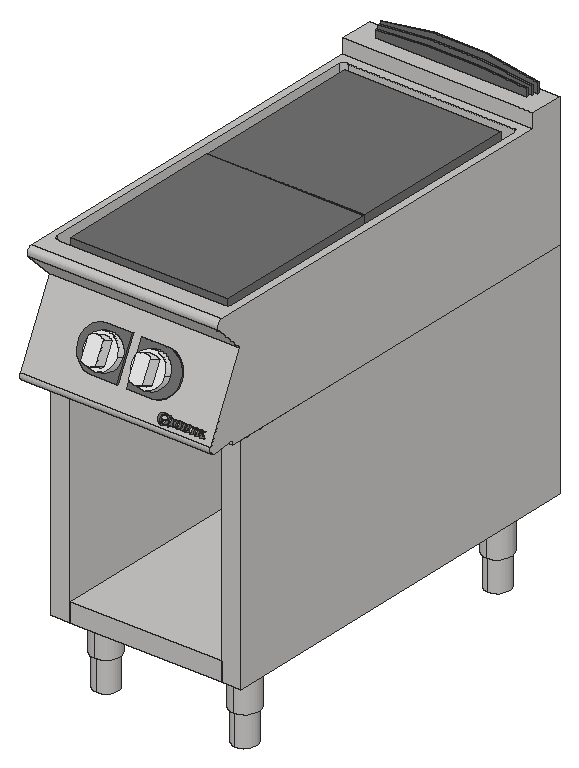
Revit family "QF_GIORIK_TE920G", category Specialty Equipment, Revit 2014
Parameters (values of type "TE920G")
  Weight in Pounds = 198.4158
  Watts = 6000 W
  Volts = 400 V
  URL Cutsheet = "www.giorik.com"
  URL = "www.giorik.com"
  Status [instance] = ""
  Specification by User [instance] = ""
  Specification by Manufacturer = ""
  Show Logo [instance] = yes
  Show Clearance [instance] = yes
  Serial Number = ""
  Seismic Rating = ""
  SMACNA No = ""
  Revision Code [instance] = ""
  Phase = 3
  Number of Poles [instance] = 3
  NAFEM Spec ID Number = ""
  Model = "TE920G"
  Min Ckt Ampacity = 0 A
  Max Overcurrent Protection = 0 A
  Masterspec = ""
  Manufacturer = "GIORIK"
  Item Number [instance] = ""
  Installed By [instance] = ""
  Identify Quantity as Lot [instance] = no
  HP = "8.046120000000"
  Furnished By [instance] = ""
  Foodservice Equipment Identifier [instance] = yes
  FL Amps = 0 A
  Electrical Remarks [instance] = ""
  Electric Connection Type [instance] = ""
  Elec Conn RI Height [instance] = 0 mm
  Elec Conn Connection Height [instance] = 150 mm
  Description = "SOLID TOP WITH ELECTRIC OVEN"
  Cycle = 50 Hz
  Conn Plug = ""
  CSI MasterFormat = ""
  Assembly Code = "E1090320"
  Apparent Power = 6000 VA
Reference planes
  plane 1 "Back": y = 0
  plane 2: z = 0
  plane 3 "Left": x = 0
  plane 4 "Right": x = 400
  plane 5 "Front": y = -920
  plane 6 "Top": z = 900
Forms (mm)
  Extrusion 1, solid, visible <- "Show Logo"
    sketch origin (191.604, -936.624, 609.486) x (-1, 0, 0) y (0, 0.452718, 0.891654)
      loop
        line (-118.824, 58.358) -> (-127.804, 58.358) -> (-125.523, 56.445) -> (-125.523, 48.027) -> (-127.804, 46.113) -> (-118.824, 46.113) -> (-121.105, 48.027) -> (-121.105, 56.445) -> (-118.824, 58.358)
      loop
        line (-163.721, 58.358) -> (-172.7, 58.358) -> (-170.42, 56.445) -> (-170.42, 48.027) -> (-172.7, 46.113) -> (-163.721, 46.113) -> (-166.001, 48.027) -> (-166.001, 56.445) -> (-163.721, 58.358)
      loop
        line (-174.332, 58.358) -> (-183.312, 58.358) -> (-181.031, 56.445) -> (-181.031, 52.435) -> (-186.419, 56.955) -> (-184.416, 58.358) -> (-191.268, 58.358) -> (-188.01, 56.839) -> (-185.455, 54.283) -> (-190.846, 47.858) -> (-193.396, 46.93) -> (-193.396, 46.113) -> (-184.416, 46.113) -> (-185.437, 47.571) -> (-182.443, 51.552) -> (-181.031, 50.894) -> (-181.031, 48.027) -> (-183.312, 46.113) -> (-174.332, 46.113) -> (-176.613, 48.027) -> (-176.613, 56.445) -> (-174.332, 58.358)
      loop
        line (-115.429, 62.063) -> (-115.429, 54.198)
        arc (-115.429, 54.198) -> (-111.618, 57.803) -> (-106.847, 59.986) r 16.039
        arc (-106.847, 59.986) -> (-103.314, 59.837) -> (-100.512, 57.68) r 5.851
        arc (-100.512, 57.68) -> (-98.815, 52.267) -> (-100.512, 46.853) r 9.479
        arc (-100.512, 46.853) -> (-102.406, 44.986) -> (-104.846, 43.93) r 7.236
        arc (-104.846, 43.93) -> (-107.728, 44.111) -> (-110.052, 45.825) r 5.11
        line (-110.052, 45.825) -> (-110.052, 52.001) -> (-116.141, 52.001) -> (-116.141, 45.503) -> (-117.893, 43.751) -> (-114.094, 44.769)
        arc (-114.094, 44.769) -> (-112.56, 44.947) -> (-111.129, 44.366) r 3.115
        arc (-111.129, 44.366) -> (-104.216, 42.091) -> (-97.303, 44.366) r 11.641
        arc (-97.303, 44.366) -> (-93.396, 52.107) -> (-97.303, 59.849) r 9.622
        arc (-97.303, 59.849) -> (-104.369, 62.174) -> (-111.435, 59.849) r 11.898
        line (-111.435, 59.849) -> (-115.429, 62.063)
      loop
        arc (-129.234, 56.068) -> (-135.893, 58.628) -> (-142.552, 56.068) r 9.941
        arc (-142.552, 56.068) -> (-144.234, 52.286) -> (-142.552, 48.505) r 5.093
        arc (-142.552, 48.505) -> (-135.893, 45.945) -> (-129.234, 48.505) r 9.941
        arc (-129.234, 48.505) -> (-127.552, 52.286) -> (-129.234, 56.068) r 5.093
      loop
        arc (-132.628, 54.403) -> (-135.893, 57.668) -> (-139.158, 54.403) r 3.265
        line (-139.158, 54.403) -> (-139.158, 50.169)
        arc (-139.158, 50.169) -> (-135.893, 46.904) -> (-132.628, 50.169) r 3.265
        line (-132.628, 50.169) -> (-132.628, 54.403)
      loop
        arc (-156.363, 58.365) -> (-159.647, 55.081) -> (-156.363, 51.796) r 3.285
        line (-156.363, 51.796) -> (-159.529, 47.306) -> (-162.087, 46.113) -> (-155.847, 46.113) -> (-153.529, 51.083) -> (-150.637, 51.083) -> (-150.637, 47.784) -> (-153.022, 46.113) -> (-144.011, 46.113) -> (-146.094, 47.68) -> (-146.094, 56.493) -> (-144.229, 58.365) -> (-156.363, 58.365)
      loop
        line (-150.637, 57.512) -> (-153.637, 57.512)
        arc (-153.637, 57.512) -> (-156.237, 54.912) -> (-153.637, 52.312) r 2.6
        line (-153.637, 52.312) -> (-150.637, 52.312) -> (-150.637, 57.512)
      loop
        line (-108.924, 52.001) -> (-104.936, 49.005) -> (-100.948, 52.001) -> (-108.924, 52.001)
    from 1.5 to -0.5
  Extrusion 2, solid
    sketch origin (-16, 1025.948, 0) x (1, 0, 0) y (0, 1, 0)
      loop
        line (25, -1086.81) -> (25, -1156.81) -> (115, -1156.81) -> (115, -1086.81) -> (25, -1086.81)
    from 148 to 150
  Extrusion 3, solid
    sketch origin (-4, 0, 130) x (1, 0, 0) y (0, 1, 0)
      loop
        circle (54, -385) r 12.5
    from 0 to 20
  Extrusion 4, solid
    sketch origin (0, 800.138, -20) x (0, 1, 0) y (0, 0, 1)
      loop
        line (-800.138, 919.988) -> (-870.138, 919.988) -> (-870.138, 889.988) -> (-1688.806, 889.988)
        arc (-1688.806, 889.988) -> (-1699.151, 883.075) -> (-1696.724, 870.873) r 11.197
        line (-1696.724, 870.873) -> (-1640.876, 815.025) -> (-1718.948, 661.258)
        arc (-1718.948, 661.258) -> (-1718.233, 650.105) -> (-1708.118, 645.354) r 10.981
        line (-1708.118, 645.354) -> (-1660, 649.925) -> (-1660, 640) -> (-800.138, 640) -> (-800.138, 919.988)
    from 0 to 400
  Extrusion 5, solid
    sketch origin (0, -199.862, 599.536) x (1, 0, 0) y (0, 1, 0)
      loop
        line (0, -640) -> (40, -640) -> (40, 159.862) -> (360, 159.862) -> (360, -640) -> (400, -640) -> (400, 199.862) -> (0, 199.862) -> (0, -640)
    from -449.536 to 20.464
  Extrusion 6, solid
    sketch origin (0, -199.862, 0) x (1, 0, 0) y (0, 1, 0)
      loop
        line (40, 159.862) -> (40, -640) -> (360, -640) -> (360, 159.862) -> (40, 159.862)
    from 150 to 190
  Extrusion 7, solid
    sketch origin (-16, 360.948, 0) x (1, 0, 0) y (0, 1, 0)
      loop
        line (25, -1086.81) -> (25, -1156.81) -> (115, -1156.81) -> (115, -1086.81) -> (25, -1086.81)
    from 148 to 150
  Revolve 8, solid
    sketch origin (54, 360.948, 0) x (0, 1, 0) y (0, 0, 1)
      loop
        line (-1092.56, 66) -> (-1092.56, 148) -> (-1121.81, 148) -> (-1121.81, 0) -> (-1096.81, 0) -> (-1096.81, 66) -> (-1092.56, 66)
      axis (-1121.81, 0) -> (-1121.81, 148)
    angle from 0 to 360
  Revolve 9, solid
    sketch origin (54, 1025.948, 0) x (0, 1, 0) y (0, 0, 1)
      loop
        line (-1092.56, 66) -> (-1092.56, 148) -> (-1121.81, 148) -> (-1121.81, 0) -> (-1096.81, 0) -> (-1096.81, 66) -> (-1092.56, 66)
      axis (-1121.81, 0) -> (-1121.81, 148)
    angle from 0 to 360
  Extrusion 10, solid
    sketch origin (416, 360.948, 0) x (-1, 0, 0) y (0, -1, 0)
      loop
        line (25, 1086.81) -> (115, 1086.81) -> (115, 1156.81) -> (25, 1156.81) -> (25, 1086.81)
    from 148 to 150
  Revolve 11, solid
    sketch origin (346, 360.948, 0) x (0, 1, 0) y (0, 0, -1)
      loop
        line (-1092.56, -66) -> (-1096.81, -66) -> (-1096.81, 0) -> (-1121.81, 0) -> (-1121.81, -148) -> (-1092.56, -148) -> (-1092.56, -66)
      axis (-1121.81, 0) -> (-1121.81, -148)
    angle from 0 to 360
  Extrusion 12, void
    sketch origin (402.225, -199.862, 900) x (0, 1, 0) y (-1, 0, 0)
      loop
        line (110, 27.225) -> (110, 377.225)
        arc (110, 377.225) -> (107.071, 384.296) -> (100, 387.225) r 10
        line (100, 387.225) -> (-640.565, 387.225)
        arc (-640.565, 387.225) -> (-647.636, 384.296) -> (-650.565, 377.225) r 10
        line (-650.565, 377.225) -> (-650.565, 27.225)
        arc (-650.565, 27.225) -> (-647.636, 20.154) -> (-640.565, 17.225) r 10
        line (-640.565, 17.225) -> (100, 17.225)
        arc (100, 17.225) -> (107.071, 20.154) -> (110, 27.225) r 10
    from -30.012 to -70.012
  Extrusion 13, solid
    sketch origin (416, -1217.672, 0) x (-1, 0, 0) y (0, -1, 0)
      loop
        line (25, -1086.81) -> (25, -1156.81) -> (115, -1156.81) -> (115, -1086.81) -> (25, -1086.81)
    from 148 to 150
  Revolve 14, solid
    sketch origin (346, -1217.672, 0) x (0, -1, 0) y (0, 0, 1)
      loop
        line (-1092.56, 66) -> (-1092.56, 148) -> (-1121.81, 148) -> (-1121.81, 0) -> (-1096.81, 0) -> (-1096.81, 66) -> (-1092.56, 66)
      axis (-1121.81, 0) -> (-1121.81, 148)
    angle from 0 to 360
  Extrusion 15, solid
    sketch origin (-397.775, -199.862, 829.988) x (0, 1, 0) y (-1, 0, 0)
      loop
        line (-272.065, -762.776) -> (-272.065, -432.775) -> (-630.565, -432.775) -> (-630.565, -762.776) -> (-272.065, -762.776)
    from 0 to 40
  Extrusion 16, solid
    sketch origin (-273.221, -1163.208, 52.363) x (1, 0, 0) y (0, 0.452718, 0.891654)
      loop
        line (463.221, 676.25) -> (463.221, 766.25) -> (409.698, 766.25)
        arc (409.698, 766.25) -> (364.698, 721.25) -> (409.698, 676.25) r 45
        line (409.698, 676.25) -> (463.221, 676.25)
    from 48 to 50
  Extrusion 17, solid
    sketch origin (501.331, -1208.559, 74.959) x (-1, 0, 0) y (0, -0.45351, -0.891251)
      loop
        circle (351.331, -721.346) r 35
    from 0 to 15
  Extrusion 18, solid
    sketch origin (501.331, -1208.559, 74.959) x (-1, 0, 0) y (0, -0.45351, -0.891251)
      loop
        arc (336.331, -743.846) -> (351.331, -748.846) -> (366.331, -743.846) r 25
        line (366.331, -743.846) -> (366.331, -698.846)
        arc (366.331, -698.846) -> (351.331, -693.846) -> (336.331, -698.846) r 25
        line (336.331, -698.846) -> (336.331, -743.846)
    from 15 to 40
  Extrusion 19, solid
    sketch origin (-94, 0, -10.001) x (1, 0, 0) y (0, 0, 1)
      loop
        line (135, 909.989) -> (453, 909.989) -> (453, 925.527) -> (347.056, 931.749) -> (240.944, 931.749) -> (135, 925.527) -> (135, 909.989)
    from 32 to 35
  Extrusion 20, solid
    sketch origin (-92, 10, -10.001) x (1, 0, 0) y (0, 0, 1)
      loop
        line (454, 909.989) -> (454, 928.527) -> (346.162, 939.193) -> (237.838, 939.193) -> (130, 928.527) -> (130, 909.989) -> (454, 909.989)
    from 32 to 35
  Extrusion 21, solid
    sketch origin (-90, 20, -10.001) x (1, 0, 0) y (0, 0, 1)
      loop
        line (455, 909.989) -> (455, 930.527) -> (345.396, 947.413) -> (234.604, 947.413) -> (125, 930.527) -> (125, 909.989) -> (455, 909.989)
    from 32 to 35
  Extrusion 22, solid
    sketch origin (-397.775, -940.427, 829.988) x (0, -1, 0) y (1, 0, 0)
      loop
        line (-472.065, 762.776) -> (-830.565, 762.776) -> (-830.565, 432.775) -> (-472.065, 432.775) -> (-472.065, 762.776)
    from 0 to 40
  Extrusion 23, solid
    sketch origin (673.255, -1163.208, 52.363) x (-1, 0, 0) y (0, -0.452718, -0.891654)
      loop
        line (463.221, -676.25) -> (409.698, -676.25)
        arc (409.698, -676.25) -> (364.698, -721.25) -> (409.698, -766.25) r 45
        line (409.698, -766.25) -> (463.221, -766.25) -> (463.221, -676.25)
    from 48 to 50
  Extrusion 24, solid
    sketch origin (-101.297, -1208.559, 74.959) x (1, 0, 0) y (0, 0.45351, 0.891251)
      loop
        circle (351.331, 721.346) r 35
    from 0 to 15
  Extrusion 25, solid
    sketch origin (-101.297, -1208.559, 74.959) x (1, 0, 0) y (0, 0.45351, 0.891251)
      loop
        line (336.331, 743.846) -> (336.331, 698.846)
        arc (336.331, 698.846) -> (351.331, 693.846) -> (366.331, 698.846) r 25
        line (366.331, 698.846) -> (366.331, 743.846)
        arc (366.331, 743.846) -> (351.331, 748.846) -> (336.331, 743.846) r 25
    from 15 to 40
Cuts and joins
  Extrusion 12 cuts Extrusion 4
Lines and regions (mm)
  symbolic lines, style "200-EquipBorder-2D"
    curve 1: line (0, -920, 0) -> (400, -920, 0)
    curve 2: line (400, -920, 0) -> (400, 0, 0)
    curve 3: line (400, 0, 0) -> (0, 0, 0)
    curve 4: line (0, 0, 0) -> (0, -920, 0)
    curve 34: line (135, -927.276, 900) -> (135, -920, 900)
    curve 35: line (165, -927.276, 900) -> (165, -920, 900)
    curve 36: line (235.035, -927.276, 900) -> (235.035, -920, 900)
    curve 37: line (265.035, -927.276, 900) -> (265.035, -920, 900)
    curve 38: arc (235.035, -927.276, 900) -> (250.035, -929.768, 900) -> (265.035, -927.276, 900) r 46.388
    curve 39: arc (165, -927.276, 900) -> (150, -929.735, 900) -> (135, -927.276, 900) r 46.979
  symbolic lines, style "200-EquipInternal-2D"
    curve 5: line (0, -70, 900) -> (400, -70, 900)
    curve 6: arc (385, -100, 900) -> (382.071, -92.929, 900) -> (375, -90, 900) r 10
    curve 7: line (365.001, -109.862, 900) -> (35, -109.862, 900)
    curve 8: line (375, -89.862, 900) -> (25, -89.862, 900)
    curve 9: line (15, -99.862, 900) -> (15, -840.427, 900)
    curve 10: line (385, -840.427, 900) -> (385, -100, 900)
    curve 11: arc (25, -89.862, 900) -> (17.929, -92.791, 900) -> (15, -99.862, 900) r 10
    curve 12: line (35, -468.362, 900) -> (365.001, -468.362, 900)
    curve 13: line (365.001, -468.362, 900) -> (365.001, -109.862, 900)
    curve 14: line (365.001, -830.427, 900) -> (365.001, -471.927, 900)
    curve 15: line (35, -830.427, 900) -> (365.001, -830.427, 900)
    curve 16: line (35, -471.927, 900) -> (35, -830.427, 900)
    curve 17: arc (15, -840.427, 900) -> (17.929, -847.498, 900) -> (25, -850.427, 900) r 10
    curve 18: line (25, -850.427, 900) -> (375, -850.427, 900)
    curve 19: arc (375, -850.427, 900) -> (382.071, -847.498, 900) -> (385, -840.427, 900) r 10
    curve 20: line (365.001, -471.927, 900) -> (35, -471.927, 900)
    curve 21: line (35, -109.862, 900) -> (35, -468.362, 900)
    curve 22: line (41, -32, 900) -> (41, -35, 900)
    curve 23: line (38, -22, 900) -> (38, -25, 900)
    curve 24: line (35, -12, 900) -> (35, -15, 900)
    curve 25: line (365, -12, 900) -> (35, -12, 900)
    curve 26: line (35, -15, 900) -> (365, -15, 900)
    curve 27: line (362, -22, 900) -> (38, -22, 900)
    curve 28: line (38, -25, 900) -> (362, -25, 900)
    curve 29: line (359, -32, 900) -> (41, -32, 900)
    curve 30: line (41, -35, 900) -> (359, -35, 900)
    curve 31: line (365, -15, 900) -> (365, -12, 900)
    curve 32: line (362, -25, 900) -> (362, -22, 900)
    curve 33: line (359, -35, 900) -> (359, -32, 900)
Dimensions and locks
  plane 3 "Left" to plane 4 "Right" = 400 mm
  plane 5 "Front" to plane 1 "Back" = 920 mm
  plane 4 "Right" to plane 3 "Left" = 400 mm
  plane 1 "Back" to plane 5 "Front" = 920 mm
  plane 6 "Top" to level = 900 mm  (x2)
  aligned and locked: level to plane 2
Connectors
  electrical at (50, -385, 130), driven by "Apparent Power", driven by "Volts", driven by "Number of Poles"
    settings: on Extrusion 3, index 1, voltage 400 V, apparent load 0 VA, apparent load phase1 6000 VA, apparent load phase2 0 VA, apparent load phase3 0 VA, power factor 1, load classification "Other", number of poles 3, system type 31, power factor state 1, is connector primary yes, connector utility no, sub classification motor no, connector description "Electrical connection"
